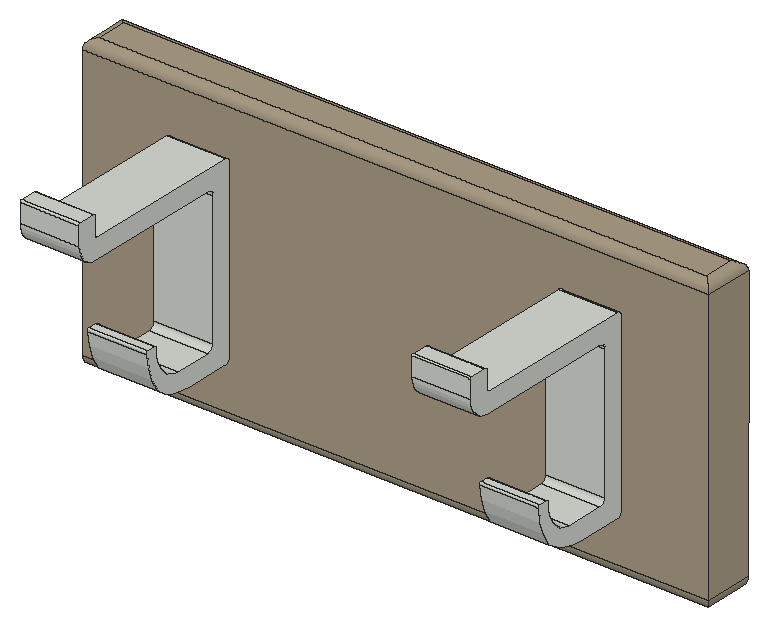
Revit family "HookSystem_HD10_EMCO", category Generic Models, Revit 2026
Family settings
  Can host rebar = No
  Round Connector Dimension = Use Diameter
  Part Type = Normal
  Work Plane-Based = Yes
  Always vertical = Yes
  Cut with Voids When Loaded = No
  Maintain Annotation Orientation = No
  Shared = No
  Room Calculation Point = No
Parameters (values of type "EMCO D10 2 Hook Panel - 8"")
  Warranty Duration (Years) = 1
  URL = "https://www.arcat.com/arcatcos/cos50/arc50797.html"
  Specification = "http://www.emcospi.com/catalog/hook-panels/hd10"
  Send Message = "http://www.emcospi.com/content/contact-us"
  Sales Information = "http://www.emcospi.com/content/contact-us"
  Revision = ""
  Product Properties = "http://www.arcat.com/bim/bim_info.pl?fn="
  Product Data = "http://www.emcospi.com/catalog/hook-panels/hd10"
  Panel Material = EMCO - Light Oak Wood Panel
  Mounting Height [instance] = 4' - 0"
  Model = "D10 2 Hook Panel - 8\""
  Manufacturer Website = "http://www.emcospi.com"
  Manufacturer Phone = "913-281-4555"
  Manufacturer Fax = "913-281-4554"
  Manufacturer Email = "info@emcospi.com"
  Manufacturer Address = "408 Miami Ave. Kansas City, KS 66105"
  Manufacturer = "EMCO Specialty Products, Inc."
  Length = 0' - 8"
  Keynote = "10 57 33"
  Installation-Fabrication = "http://www.emcospi.com/sites/default/files/drawings/d10_hk_pnl.pdf"
  Installation Phase = "Closet and Utiity Shelving Hardware"
  Hook Finish [instance] = EMCO  - Silver Finish
  Hook Count = 2
  Height = 0' - 3 3/4"
  Drawn By = "Sumex Design, Inc."
  Description = "EMCO D10 2 Hook Panel - 8\""
  Depth = 0' - 0 5/8"
  Default Elevation = 4' - 0"
  Copyright = "2017, ARCAT, Inc"
  Construction Details = "http://www.emcospi.com/sites/default/files/drawings/d10_hk_pnl.pdf"
  Company_ID = 50797
  Assembly Code = "E1090900"
Types (5): name | Mounting Height | Model | Length | Hook Finish | Hook Count | Description
  (no name) | 4' - 0" | "D10 2 Hook Panel - 8\"" | 0' - 8" | EMCO  - Silver Finish | 2 | "EMCO D10 2 Hook Panel - 8\""
  EMCO D10 2 Hook Panel - 8" | 4' - 0" | "D10 2 Hook Panel - 8\"" | 0' - 8" | EMCO  - Silver Finish | 2 | "EMCO D10 2 Hook Panel - 8\""
  EMCO D10 4 Hook Panel - 18" | 2' - 2.35233" | "D10 4 Hook Panel - 18\"" | 1' - 6" | EMCO  - Almond Finish | 4 | "EMCO D10 4 Hook Panel - 18\""
  EMCO D10 6 Hook Panel - 28" | 2' - 2.35233" | "D10 6 Hook Panel - 28\"" | 2' - 4" | EMCO  - Almond Finish | 6 | "EMCO D10 6 Hook Panel - 28\""
  EMCO D10 3 Hook Panel - 13" | 2' - 2.35233" | "D10 3 Hook Panel - 13\"" | 1' - 1" | EMCO  - Almond Finish | 3 | "EMCO D10 3 Hook Panel - 13\""
Reference planes (in)
  plane 1 "Center (Front/Back)": y = 0
  plane 2: z = 46.125
  plane 3 "Center (Left/Right)": x = 0
  plane 4 "Front": y = -0.3125
  plane 5: y = 0.3125
  plane 6: z = 48
  plane 7: z = 44.25
  plane 8: x = 4
  plane 9: x = -4
  plane 10: x = 2.5
  plane 11: x = -2.5
Forms (in)
  Extrusion 1, solid, material "EMCO - Light Oak Wood Panel" <- "Panel Material"
    sketch origin (0, 0, 19) x (0, 1, 0) y (0, 0, 1)
      loop
        line (0.18862, 29) -> (-0.1875, 29)
        arc (-0.1875, 29) -> (-0.27589, 28.96339) -> (-0.3125, 28.875) r 0.125
        line (-0.3125, 28.875) -> (-0.3125, 25.37401)
        arc (-0.3125, 25.37401) -> (-0.27589, 25.28562) -> (-0.1875, 25.24901) r 0.125
        line (-0.1875, 25.24901) -> (0.1875, 25.24901)
        arc (0.1875, 25.24901) -> (0.27589, 25.28562) -> (0.3125, 25.37401) r 0.125
        line (0.3125, 25.37401) -> (0.3125, 28.87612)
        arc (0.3125, 28.87612) -> (0.27622, 28.96372) -> (0.18862, 29) r 0.12388
    from -4 to 4
  Extrusion 2, void
    sketch origin (0, 0, 19) x (1, 0, 0) y (0, 0, 1)
      loop
        line (-4, 29) -> (-4, 28.875)
        arc (-4, 28.875) -> (-3.96339, 28.96339) -> (-3.875, 29) r 0.125
        line (-3.875, 29) -> (-4, 29)
      loop
        line (4, 29) -> (3.875, 29)
        arc (3.875, 29) -> (3.96339, 28.96339) -> (4, 28.875) r 0.125
        line (4, 28.875) -> (4, 29)
      loop
        line (-4, 25.24901) -> (-3.875, 25.24901)
        arc (-3.875, 25.24901) -> (-3.96339, 25.28562) -> (-4, 25.37401) r 0.125
        line (-4, 25.37401) -> (-4, 25.24901)
      loop
        line (4, 25.24901) -> (4, 25.37401)
        arc (4, 25.37401) -> (3.96339, 25.28562) -> (3.875, 25.24901) r 0.125
        line (3.875, 25.24901) -> (4, 25.24901)
    from -0.3125 to 0.3125
Cuts and joins
  Extrusion 2 cuts Extrusion 1
Dimensions and locks (in)
  equal spacing: plane 5, plane 1 "Center (Front/Back)", plane 4 "Front"
  "Depth": plane 5 to plane 4 "Front"
  equal spacing: plane 6, plane 2, plane 7
  "Height": plane 6 to plane 7
  equal spacing: plane 9, plane 3 "Center (Left/Right)", plane 8
  "Length": plane 9 to plane 8
  locked: Extrusion 2 sketch curve to plane 9 at 0.125  (x2)
  locked: Extrusion 2 sketch curve to plane 8 at 0.125  (x2)
  locked: plane 8 to plane 10 at 1.5
  locked: plane 11 to plane 9 at 1.5
  group 1 to group 2 = 0' - 5"
  group 1 to group 2 = 0' - 0"  (x2)
  "Mounting Height": plane 6 to level
  aligned and locked: plane 6 to Extrusion 1 sketch curve
  aligned and locked: plane 5 to Extrusion 1 sketch curve
  aligned and locked: Extrusion 1 sketch curve to plane 4 "Front"
  aligned and locked: Extrusion 1 to plane 9
  aligned and locked: Extrusion 1 to plane 8
  aligned and locked: plane 6 to Extrusion 2 sketch curve
  aligned and locked: Extrusion 2 sketch curve to plane 9
  aligned and locked: plane 9 to Extrusion 2 sketch curve
  aligned and locked: Extrusion 2 sketch curve to plane 6
  aligned and locked: plane 8 to Extrusion 2 sketch curve
  aligned and locked: Extrusion 2 sketch curve to plane 8
  aligned and locked: Extrusion 2 to plane 5
  aligned and locked: plane 4 "Front" to Extrusion 2
  aligned and locked: plane 11 to nested 1
  aligned and locked: plane 10 to nested 2
  aligned and locked: nested 2 to plane 2
  aligned and locked: nested 1 to plane 2
Automatic sketch dimensions
  Extrusion 1 sketch curve to Extrusion 1 sketch curve = 0' - 0 1/8"  (x2)
  plane 7 to Extrusion 1 sketch curve = 0' - 0.12401"
  plane 5 to Extrusion 1 sketch curve = 0' - 0 1/8"
  Extrusion 1 sketch curve to Extrusion 1 sketch curve = 0' - 0.12388"
  plane 7 to Extrusion 2 sketch curve = 0' - 0.12401"  (x2)
Nested families (in)
  nested 1: "EMCO_D10-Hook" at (-2.5, -0.3125, 46.125) x (1, 0, 0) z (0, -1, 0), type "EMCO_D10-Hook"
  nested 2: "EMCO_D10-Hook" at (2.5, -0.3125, 46.125) x (1, 0, 0) z (0, -1, 0), type "EMCO_D10-Hook"
Definition of nested family "EMCO_D10-Hook"
  Parameters (values of type "EMCO_D10-Hook")
    Warranty Duration (Years) = 0
    URL = "https://www.arcat.com/arcatcos/cos50/arc50797.html"
    Test Data = ""
    Specification = ""
    SpecWizard = ""
    Send Message = "http://www.emcospi.com/content/contact-us"
    Sales Information = "http://www.emcospi.com/content/contact-us"
    Revision = ""
    Product Properties = "http://www.arcat.com/bim/bim_info.pl?fn="
    Product Data = ""
    Model = "D10 Aluminum Hook"
    Manufacturer Website = "http://www.emcospi.com"
    Manufacturer Phone - Toll Free = ""
    Manufacturer Phone = "913-281-4555"
    Manufacturer Fax = "913-281-4554"
    Manufacturer Email = "info@emcospi.com"
    Manufacturer Address = "408 Miami Ave. Kansas City, KS 66105"
    Manufacturer = "EMCO Specialty Products, Inc."
    Maintenance Schedule (Months) = 0
    Keynote = "10 57 33"
    Installation-Fabrication = ""
    Installation Phase = "Closet and Utiity Shelving Hardware"
    Hook Material = none
    Green Building-LEED = ""
    Expected Lifespan (Years) = 0
    Drawn By = "Sumex Design, Inc."
    Description = "D10 Aluminum Hook - Silver Finish"
    Default Elevation = 4' - 0"
    Copyright = "2017, ARCAT, Inc"
    Construction Details = ""
    Company_ID = 50797
    Assembly Code = "E1090900"
  Reference planes (in)
    plane 1 "Center (Front/Back)": y = 0
    plane 2: z = 0
    plane 3 "Center (Left/Right)": x = 0
  Forms (in)
    Sweep 1, solid, material <- "Hook Material"
      path origin (-0.75653, 0, 0) x (1, 0, 0) y (0, 1, 0)
        loop
          line (0.375, 0) -> (1.125, 0)
      profile origin (-0.00653, 0, 0) x (0, 1, 0) y (0, 0, 1)
        loop
          line (0.84372, 0.25) -> (-0.85485, 0.25)
          arc (-0.85485, 0.25) -> (-0.90793, 0.27199) -> (-0.92992, 0.32507) r 0.07507
          line (-0.92992, 0.32507) -> (-0.92992, 0.80384)
          arc (-0.92992, 0.80384) -> (-0.78934, 1.06965) -> (-0.50234, 1.15937) r 0.39483
          arc (-0.50234, 1.15937) -> (-0.4856, 1.16505) -> (-0.47848, 1.18122) r 0.02193
          line (-0.47848, 1.18122) -> (-0.47848, 1.28867)
          arc (-0.47848, 1.28867) -> (-0.4884, 1.30702) -> (-0.50919, 1.30877) r 0.02193
          arc (-0.50919, 1.30877) -> (-0.76838, 1.25677) -> (-1.00381, 1.13651) r 0.96694
          arc (-1.00381, 1.13651) -> (-1.13466, 0.89549) -> (-1.17992, 0.625) r 0.83089
          line (-1.17992, 0.625) -> (-1.17992, 0.05582)
          arc (-1.17992, 0.05582) -> (-1.16357, 0.01635) -> (-1.12411, 0) r 0.05582
          line (-1.12411, 0) -> (1.12411, 0)
          arc (1.12411, 0) -> (1.15987, 0.01481) -> (1.17468, 0.05058) r 0.05058
          line (1.17468, 0.05058) -> (1.17468, 2.08825)
          arc (1.17468, 2.08825) -> (1.18917, 2.12321) -> (1.22413, 2.13769) r 0.04945
          line (1.22413, 2.13769) -> (1.43872, 2.13769)
          arc (1.43872, 2.13769) -> (1.45463, 2.14428) -> (1.46121, 2.16019) r 0.02249
          line (1.46121, 2.16019) -> (1.46121, 2.36695)
          arc (1.46121, 2.36695) -> (1.45514, 2.38162) -> (1.44047, 2.38769) r 0.02075
          line (1.44047, 2.38769) -> (1.19861, 2.38769)
          arc (1.19861, 2.38769) -> (1.00491, 2.30746) -> (0.92468, 2.11377) r 0.27393
          line (0.92468, 2.11377) -> (0.92468, 0.33097)
          arc (0.92468, 0.33097) -> (0.90097, 0.27372) -> (0.84372, 0.25) r 0.08097
  Dimensions and locks (in)
    aligned and locked: profile plane to Sweep 1 sketch curve
    aligned and locked: level to plane 2
